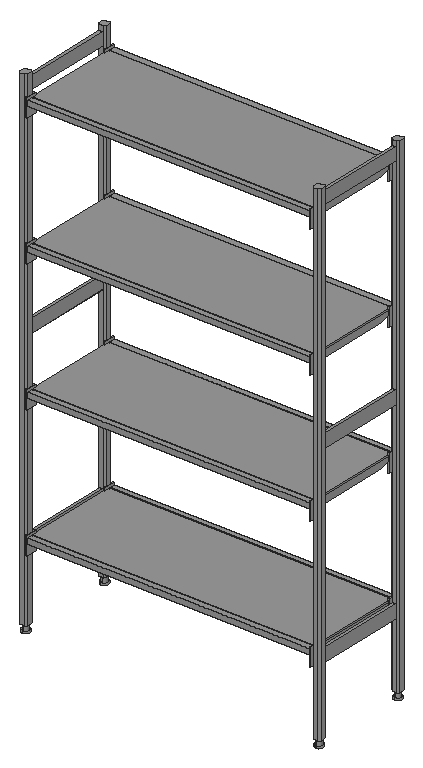
Revit family "QF_ELECTROLUXPROFESSIONAL_137013_ALS1038", category Attrezzature speciali, Revit 2020
Family settings
  Quota connettore circolare = Usa diametro
  Tipo di parte = Normale
  Basato su piano di lavoro = No
  Sempre verticale = Sì
  Taglio con vuoti quando caricato = No
  Condiviso = No
  Punto di calcolo locali = No
Parameters (values of type "Standard")
  Weight = 19.00 kg
  Watts = 0 W
  Volts = 0 V
  URL Manufacturer = "https://www.electroluxprofessional.com/"
  URL = "https://www.electroluxprofessional.com/"
  Steam Supply Size = 0 mm
  Steam Supply Minimum Pressure = 0.0 Pa
  Steam Supply Maximum Pressure = 0.0 Pa
  Steam Consumption per Hour = 0
  Refrigeration Suction Line Size = 0.0 mm
  Refrigeration Liquid Line Size = 0.0 mm
  Refrigerant Compressor Remote = yes
  Prospetto di default = 0.0 mm
  Phase = 0
  Modello = "ALS1038"
  Produttore = "Electrolux Professional"
  Length Actual = 1038.0 mm  # constant formula
  Item Number = "137013"
  Hot Water Size = 0 mm
  Height Actual = 1700.0 mm  # constant formula
  HP = "0 HP"
  Gas Size = 0 mm
  Gas KW = 0
  Gas Input Pressure = 0 W
  Direct Waste Size = 0 mm
  Descrizione = "ALUM.LINEAR SHELV.-POLY.TIERS-373X1038MM"
  Depth Actual = 373.0 mm  # constant formula
  Cycle = 0 Hz
  Condensate Return Size = 0 mm
  Compressed Air Volume = 0.0 L/s
  Compressed Air Size = 0 mm
  Compressed Air Pressure = 0.0 Pa
  Cold Water Size = 0 mm
  Accessory = yes
Reference planes
  plane 1: z = 0
  plane 2 "Center (Left/Right)": x = -31
  plane 3 "LEFT": x = -550
  plane 4 "RIGHT": x = 488
  plane 5 "BACK": y = 23
  plane 6 "FRONT": y = -350
  plane 7 "TOP": z = 1700
  plane 8: x = 483
  plane 9: x = -518
  plane 10: x = 456
  plane 11 "Center (Front/Back)": y = -163.5
  plane 12: x = 451
  plane 13: y = -8.5
  plane 14: y = -318.5
  plane 15 "FEET": z = 25
  plane 16: z = 275
  plane 17: z = 725
  plane 18: z = 1175
  plane 19: z = 1625
  plane 20 "CXLeft": x = -536
  plane 21 "CXRight": x = 474
  plane 22: y = 5.5
  plane 23 "CYBack": y = 5.5
  plane 24 "CYFront": y = -332.5
Forms (mm)
  Extrusion 1, solid, material "QF_Aluminum"
    sketch origin (-550, 0, 0) x (0, 1, 0) y (0, 0, 1)
      loop
        line (4, 1650.994) -> (4, 1632.998) -> (23, 1632.998) -> (23, 1650.994) -> (4, 1650.994)
      loop
        line (-331, 1650.994) -> (-350, 1650.994) -> (-350, 1632.998) -> (-331, 1632.998) -> (-331, 1650.994)
      loop
        line (4, 1200.994) -> (4, 1182.998) -> (23, 1182.998) -> (23, 1200.994) -> (4, 1200.994)
      loop
        line (-331, 1200.994) -> (-350, 1200.994) -> (-350, 1182.998) -> (-331, 1182.998) -> (-331, 1200.994)
      loop
        line (4, 750.994) -> (4, 732.998) -> (23, 732.998) -> (23, 750.994) -> (4, 750.994)
      loop
        line (-331, 750.994) -> (-350, 750.994) -> (-350, 732.998) -> (-331, 732.998) -> (-331, 750.994)
      loop
        line (4, 300.994) -> (4, 282.998) -> (23, 282.998) -> (23, 300.994) -> (4, 300.994)
      loop
        line (-331, 300.994) -> (-350, 300.994) -> (-350, 282.998) -> (-331, 282.998) -> (-331, 300.994)
    from 32 to 1006
  Extrusion 2, solid, material "QF_Polyethylene"
    sketch origin (-550, 0, 0) x (0, 1, 0) y (0, 0, 1)
      loop
        line (2.007, 1650.994) -> (-329, 1650.994) -> (-329, 1644.496) -> (2.007, 1644.496) -> (2.007, 1650.994)
      loop
        line (2.007, 1200.994) -> (-329, 1200.994) -> (-329, 1194.496) -> (2.007, 1194.496) -> (2.007, 1200.994)
      loop
        line (2.007, 750.994) -> (-329, 750.994) -> (-329, 744.496) -> (2.007, 744.496) -> (2.007, 750.994)
      loop
        line (2.007, 300.994) -> (-329, 300.994) -> (-329, 294.496) -> (2.007, 294.496) -> (2.007, 300.994)
    from 32 to 1006
  Extrusion 3, solid, material "QF_Aluminum"
    sketch origin (488, 0, 0) x (0, 1, 0) y (0, 0, 1)
      loop
        line (-12, 1632.998) -> (4, 1632.998) -> (4, 1650.994) -> (2.007, 1650.994) -> (2.007, 1644.496) -> (-329, 1644.496) -> (-329, 1650.994) -> (-331, 1650.994) -> (-331, 1632.998) -> (-315, 1632.998) -> (-281, 1620.994) -> (-46, 1620.994) -> (-12, 1632.998)
      loop
        line (-12, 1182.998) -> (4, 1182.998) -> (4, 1200.994) -> (2.007, 1200.994) -> (2.007, 1194.496) -> (-329, 1194.496) -> (-329, 1200.994) -> (-331, 1200.994) -> (-331, 1182.998) -> (-315, 1182.998) -> (-281, 1170.994) -> (-46, 1170.994) -> (-12, 1182.998)
      loop
        line (-12, 732.998) -> (4, 732.998) -> (4, 750.994) -> (2.007, 750.994) -> (2.007, 744.496) -> (-329, 744.496) -> (-329, 750.994) -> (-331, 750.994) -> (-331, 732.998) -> (-315, 732.998) -> (-281, 720.994) -> (-46, 720.994) -> (-12, 732.998)
      loop
        line (-12, 282.998) -> (4, 282.998) -> (4, 300.994) -> (2.007, 300.994) -> (2.007, 294.496) -> (-329, 294.496) -> (-329, 300.994) -> (-331, 300.994) -> (-331, 282.998) -> (-315, 282.998) -> (-281, 270.994) -> (-46, 270.994) -> (-12, 282.998)
    from -32 to -37
Lines and regions (mm)
  symbolic lines
    curve 1: line (456, 4, 1700) -> (-518, 4, 1700)
    curve 2: line (-522, 23, 1700) -> (460, 23, 1700)
    curve 3: line (460, 13.246, 1700) -> (466.254, 19.5, 1700)
    curve 4: line (466.254, -8.5, 1700) -> (460, -2.246, 1700)
    curve 5: line (466.254, -318.5, 1700) -> (460, -324.754, 1700)
    curve 6: line (-522, -350, 1700) -> (460, -350, 1700)
    curve 7: line (460, 23, 1700) -> (460, -12.993, 1700)
    curve 8: line (460, -12.993, 1700) -> (456, -12.993, 1700)
    curve 9: line (460, -350, 1700) -> (460, -314.007, 1700)
    curve 10: line (460, -314.007, 1700) -> (456, -314.007, 1700)
    curve 11: line (-518, -12.993, 1700) -> (-518, -314.007, 1700)
    curve 12: line (-518, -331, 1700) -> (456, -331, 1700)
    curve 13: line (456, -12.993, 1700) -> (456, -314.007, 1700)
Dimensions and locks
  locked: plane 3 "LEFT" to plane 4 "RIGHT" at 1038
  equal spacing: plane 3 "LEFT", plane 2 "Center (Left/Right)", plane 4 "RIGHT"
  locked: plane 7 "TOP" to level at 1700
  locked: plane 5 "BACK" to plane 6 "FRONT" at 373
  locked: plane 4 "RIGHT" to plane 8 at 5
  locked: plane 9 to plane 10 at 974
  locked: plane 3 "LEFT" to plane 9 at 32
  plane 12 to plane 10 = 5.0 mm
  locked: plane 13 to plane 14 at 310
  equal spacing: plane 13, plane 11 "Center (Front/Back)", plane 14
  equal spacing: plane 5 "BACK", plane 11 "Center (Front/Back)", plane 6 "FRONT"
  plane 15 "FEET" to level = 25.0 mm
  plane 7 "TOP" to plane 15 "FEET" = 1675.0 mm
  plane 16 to plane 15 "FEET" = 250.0 mm
  plane 17 to plane 16 = 450.0 mm
  plane 18 to plane 17 = 450.0 mm
  plane 19 to plane 18 = 450.0 mm
  locked: plane 3 "LEFT" to plane 20 "CXLeft" at 14
  locked: plane 21 "CXRight" to plane 4 "RIGHT" at 14
  locked: plane 5 "BACK" to plane 23 "CYBack" at 17.5
  locked: plane 24 "CYFront" to plane 6 "FRONT" at 17.5
  aligned and locked: level to plane 1
  aligned and locked: plane 9 to Extrusion 2
  aligned and locked: Extrusion 2 to plane 10
  aligned and locked: plane 9 to Extrusion 1
  aligned and locked: Extrusion 1 to plane 10
  aligned and locked: Extrusion 1 sketch curve to Extrusion 1 sketch curve  (x2)
  aligned and locked: Extrusion 3 sketch curve to Extrusion 3 sketch curve  (x3)
  aligned and locked: Extrusion 3 to plane 12
  aligned and locked: Extrusion 3 to plane 10
  aligned and locked: plane 20 "CXLeft" to nested 1
  aligned and locked: plane 21 "CXRight" to nested 2
Automatic sketch dimensions
  Extrusion 1 sketch curve to plane 6 "FRONT" = 0.0 mm  (x4)
  Extrusion 1 sketch curve to plane 5 "BACK" = 0.0 mm  (x4)
  plane 24 "CYFront" to Extrusion 1 sketch curve = 1.5 mm  (x2)
  plane 22 to Extrusion 1 sketch curve = 1.5 mm  (x4)
  plane 16 to Extrusion 1 sketch curve = 7.998 mm  (x2)
  Extrusion 1 sketch curve to Extrusion 1 sketch curve = 17.997 mm  (x8)
  plane 17 to Extrusion 1 sketch curve = 7.998 mm  (x2)
  plane 18 to Extrusion 1 sketch curve = 7.998 mm  (x2)
  plane 19 to Extrusion 1 sketch curve = 7.998 mm  (x2)
  plane 24 "CYFront" to Extrusion 2 sketch curve = 3.5 mm  (x4)
  plane 22 to Extrusion 2 sketch curve = 3.493 mm  (x4)
  plane 16 to Extrusion 2 sketch curve = 19.496 mm
  Extrusion 2 sketch curve to Extrusion 2 sketch curve = 6.499 mm  (x4)
  plane 17 to Extrusion 2 sketch curve = 19.496 mm
  plane 18 to Extrusion 2 sketch curve = 19.496 mm
  plane 19 to Extrusion 2 sketch curve = 19.496 mm
  plane 24 "CYFront" to Extrusion 3 sketch curve = 1.5 mm  (x4)
  Extrusion 3 sketch curve to Extrusion 3 sketch curve = 2.0 mm
  plane 14 to Extrusion 3 sketch curve = 3.5 mm  (x4)
  Extrusion 3 sketch curve to plane 16 = 4.006 mm
  Extrusion 3 sketch curve to Extrusion 3 sketch curve = 34.0 mm  (x4)
  Extrusion 3 sketch curve to plane 17 = 4.006 mm
  Extrusion 3 sketch curve to plane 18 = 4.006 mm
  Extrusion 3 sketch curve to plane 19 = 4.006 mm
  Extrusion 3 sketch curve to plane 13 = 37.5 mm  (x4)
  Extrusion 3 sketch curve to plane 13 = 3.5 mm  (x4)
  plane 22 to Extrusion 3 sketch curve = 3.493 mm  (x4)
  plane 22 to Extrusion 3 sketch curve = 1.5 mm  (x4)
  plane 16 to Extrusion 3 sketch curve = 7.998 mm  (x2)
  Extrusion 3 sketch curve to Extrusion 3 sketch curve = 11.498 mm  (x4)
  Extrusion 3 sketch curve to Extrusion 3 sketch curve = 6.499 mm  (x8)
  plane 17 to Extrusion 3 sketch curve = 7.998 mm  (x2)
  plane 18 to Extrusion 3 sketch curve = 7.998 mm  (x2)
  plane 19 to Extrusion 3 sketch curve = 7.998 mm  (x2)
  curve 6 to plane 6 "FRONT" = 0.0 mm
  curve 12 to plane 9 = 0.0 mm
  curve 12 to plane 10 = 0.0 mm
  curve 5 to plane 14 = 0.0 mm
  curve 11 to plane 9 = 0.0 mm
  curve 8 to plane 10 = 0.0 mm
  curve 4 to plane 13 = 0.0 mm
  curve 1 to plane 9 = 0.0 mm
  curve 1 to plane 10 = 0.0 mm
  curve 2 to plane 5 "BACK" = 0.0 mm
  plane 14 to curve 10 = 4.493 mm
  curve 7 to plane 13 = 4.493 mm
  curve 10 to plane 10 = 4.0 mm
  curve 7 to plane 10 = 4.0 mm
  plane 24 "CYFront" to curve 12 = 1.5 mm
  curve 5 to plane 14 = 6.254 mm
  plane 14 to curve 11 = 4.493 mm
  curve 11 to plane 13 = 4.493 mm
  plane 13 to curve 4 = 6.254 mm
  plane 22 to curve 1 = 1.5 mm
  curve 3 to plane 22 = 7.746 mm
  curve 3 to plane 5 "BACK" = 3.5 mm
  curve 5 to curve 9 = 6.254 mm
  curve 3 to curve 2 = 6.254 mm
  curve 4 to curve 7 = 6.254 mm
  plane 9 to curve 2 = 4.0 mm
  plane 9 to curve 6 = 4.0 mm
Nested families
  nested 1: "WT_Anta373" at (-133, 0, 0), type "WT_Anta373"
  nested 2: "WT_Anta373" at (71, 0, 0) x (-1, 0, 0) z (0, 0, 1), type "WT_Anta373"
Definition of nested family "WT_Anta373"
  Parameters
    WidthLeft = A + 64.0 mm  # 772.0 mm
    Width = 1606.0 mm
    Right = WidthLeft / 2  # 386.0 mm
    Default Elevation = 0.0 mm
    Left = -WidthLeft / 2  # -386.0 mm
    Height = 1725.0 mm
    FEET = 25.0 mm
    E = 0.0 mm
    Dint = Depth - 63.0 mm  # 310.0 mm
    Dext = Depth - 8.0 mm  # 365.0 mm
    Depth = 373.0 mm
    DX = (WidthLeft - A) / 2  # 32.0 mm
    B = 798.0 mm
    A = 708.0 mm
  Reference planes
    plane 1: z = 0
    plane 2 "LEFT": x = -417
    plane 3 "BACK": y = 23
    plane 4 "FRONT": y = -350
    plane 5 "TOP": z = 1725
    plane 6 "Center (Front/Back)": y = -163.5
    plane 7: y = -8.5
    plane 8: y = -318.5
    plane 9 "FEET": z = 25
    plane 10: z = 275
    plane 11: z = 725
    plane 12: z = 1175
    plane 13: z = 1625
    plane 14 "CXLeft": x = -403
    plane 15: y = 5.5
    plane 16 "CYBack": y = 5.5
    plane 17 "CYFront": y = -332.5
    plane 18: x = -385.031
    plane 19: x = -380.031
  Forms (mm)
    Extrusion 1, solid
      sketch origin (0, 0, 0) x (1, 0, 0) y (0, 1, 0)
        loop
          line (-417, 13.246) -> (-417, -2.246) -> (-410.746, -8.5) -> (-395.254, -8.5) -> (-389, -2.246) -> (-389, 13.246) -> (-395.254, 19.5) -> (-410.746, 19.5) -> (-417, 13.246)
      from 1725 to 25
    Extrusion 2, solid
      sketch origin (-417, 0, 0) x (0, 1, 0) y (0, 0, 1)
        loop
          line (23, 246.005) -> (23, 307.993) -> (-12.993, 307.993) -> (-12.993, 246.005) -> (23, 246.005)
        loop
          line (-350, 246.005) -> (-314.007, 246.005) -> (-314.007, 307.993) -> (-350, 307.993) -> (-350, 246.005)
        loop
          line (23, 696.005) -> (23, 757.993) -> (-12.993, 757.993) -> (-12.993, 696.005) -> (23, 696.005)
        loop
          line (-350, 696.005) -> (-314.007, 696.005) -> (-314.007, 757.993) -> (-350, 757.993) -> (-350, 696.005)
        loop
          line (23, 1146.005) -> (23, 1207.993) -> (-12.993, 1207.993) -> (-12.993, 1146.005) -> (23, 1146.005)
        loop
          line (-350, 1146.005) -> (-314.007, 1146.005) -> (-314.007, 1207.993) -> (-350, 1207.993) -> (-350, 1146.005)
        loop
          line (23, 1596.005) -> (23, 1657.993) -> (-12.993, 1657.993) -> (-12.993, 1596.005) -> (23, 1596.005)
        loop
          line (-350, 1596.005) -> (-314.007, 1596.005) -> (-314.007, 1657.993) -> (-350, 1657.993) -> (-350, 1596.005)
      from 28 to 32
    Revolve 3, solid
      sketch origin (-403, 0, 0) x (0, 1, 0) y (0, 0, 1)
        loop
          line (5.5, 25) -> (5.5, 0) -> (19, 0) -> (19, 5) -> (14, 5) -> (14, 25) -> (5.5, 25)
        axis (5.5, 25) -> (5.5, 0)
      angle from 0 to 360
    Extrusion 4, solid
      sketch origin (-403, 0, 0) x (0, 1, 0) y (0, 0, 1)
        loop
          line (-8.5, 912.382) -> (-8.5, 957.374) -> (-318.5, 957.374) -> (-318.5, 912.382) -> (-8.5, 912.382)
        loop
          line (-8.5, 1662.244) -> (-8.5, 1707.236) -> (-318.5, 1707.236) -> (-318.5, 1662.244) -> (-8.5, 1662.244)
      from -5 to 5
    Revolve 5, solid
      sketch origin (-403, -627, 0) x (0, -1, 0) y (0, 0, 1)
        loop
          line (-294.5, 25) -> (-294.5, 0) -> (-281, 0) -> (-281, 5) -> (-286, 5) -> (-286, 25) -> (-294.5, 25)
        axis (-294.5, 25) -> (-294.5, 0)
      angle from 0 to 360
    Extrusion 6, solid
      sketch origin (0, -627, 0) x (1, 0, 0) y (0, 1, 0)
        loop
          line (-417, 286.754) -> (-410.746, 280.5) -> (-395.254, 280.5) -> (-389, 286.754) -> (-389, 302.246) -> (-395.254, 308.5) -> (-410.746, 308.5) -> (-417, 302.246) -> (-417, 286.754)
      from 1725 to 25
    Extrusion 7, solid
      sketch origin (-417.031, -0.022, 0) x (0, 1, 0) y (0, 0, -1)
        loop
          line (-12, -1632.998) -> (-46, -1620.994) -> (-281, -1620.994) -> (-315, -1632.998) -> (-331, -1632.998) -> (-331, -1650.994) -> (-329, -1650.994) -> (-329, -1644.496) -> (2.007, -1644.496) -> (2.007, -1650.994) -> (4, -1650.994) -> (4, -1632.998) -> (-12, -1632.998)
        loop
          line (-12, -1182.998) -> (-46, -1170.994) -> (-281, -1170.994) -> (-315, -1182.998) -> (-331, -1182.998) -> (-331, -1200.994) -> (-329, -1200.994) -> (-329, -1194.496) -> (2.007, -1194.496) -> (2.007, -1200.994) -> (4, -1200.994) -> (4, -1182.998) -> (-12, -1182.998)
        loop
          line (-12, -732.998) -> (-46, -720.994) -> (-281, -720.994) -> (-315, -732.998) -> (-331, -732.998) -> (-331, -750.994) -> (-329, -750.994) -> (-329, -744.496) -> (2.007, -744.496) -> (2.007, -750.994) -> (4, -750.994) -> (4, -732.998) -> (-12, -732.998)
        loop
          line (-12, -282.998) -> (-46, -270.994) -> (-281, -270.994) -> (-315, -282.998) -> (-331, -282.998) -> (-331, -300.994) -> (-329, -300.994) -> (-329, -294.496) -> (2.007, -294.496) -> (2.007, -300.994) -> (4, -300.994) -> (4, -282.998) -> (-12, -282.998)
      from -32 to -37
    Extrusion 8, solid
      sketch origin (-403, 0, -659.878) x (0, 1, 0) y (0, 0, 1)
        loop
          line (-8.5, 912.382) -> (-8.5, 957.374) -> (-318.5, 957.374) -> (-318.5, 912.382) -> (-8.5, 912.382)
        loop
          line (-8.5, 1572.382) -> (-8.5, 1617.374) -> (-318.5, 1617.374) -> (-318.5, 1572.382) -> (-8.5, 1572.382)
        loop
          line (-8.5, 2322.382) -> (-8.5, 2367.374) -> (-318.5, 2367.374) -> (-318.5, 2322.382) -> (-8.5, 2322.382)
      from -5 to 5
  Lines and regions (mm)
    symbolic lines
      curve 1: line (-408, -8.5, 1725) -> (-408, -318.5, 1725)
      curve 2: line (-398, -318.5, 1725) -> (-398, -8.5, 1725)
      curve 3: line (-395.254, -8.5, 1725) -> (-410.746, -8.5, 1725)
      curve 4: line (-417, -2.246, 1725) -> (-410.746, -8.5, 1725)
      curve 5: line (-417, 13.246, 1725) -> (-417, -2.246, 1725)
      curve 6: line (-410.746, 19.5, 1725) -> (-417, 13.246, 1725)
      curve 7: line (-395.254, 19.5, 1725) -> (-410.746, 19.5, 1725)
      curve 8: line (-389, 13.246, 1725) -> (-395.254, 19.5, 1725)
      curve 9: line (-395.254, -8.5, 1725) -> (-389, -2.246, 1725)
      curve 10: line (-395.254, -318.5, 1725) -> (-410.746, -318.5, 1725)
      curve 11: line (-417, -324.754, 1725) -> (-410.746, -318.5, 1725)
      curve 12: line (-410.746, -346.5, 1725) -> (-417, -340.246, 1725)
      curve 13: line (-395.254, -346.5, 1725) -> (-410.746, -346.5, 1725)
      curve 14: line (-389, -340.246, 1725) -> (-395.254, -346.5, 1725)
      curve 15: line (-395.254, -318.5, 1725) -> (-389, -324.754, 1725)
      curve 16: line (-389, -350, 1725) -> (-389, -314.007, 1725)
      curve 17: line (-389, -314.007, 1725) -> (-385, -314.007, 1725)
      curve 18: line (-389, 23, 1725) -> (-389, -12.993, 1725)
      curve 19: line (-389, -12.993, 1725) -> (-385, -12.993, 1725)
      curve 20: line (-417, -324.754, 1725) -> (-417, -340.246, 1725)
      curve 21: line (-385, -350, 1725) -> (-385, -314.007, 1725)
      curve 22: line (-385, -350, 1725) -> (-389, -350, 1725)
      curve 23: line (-385, 23, 1725) -> (-389, 23, 1725)
      curve 24: line (-385, -12.993, 1725) -> (-385, 23, 1725)
      curve 25: line (-385.031, -13.016, 1725) -> (-385.031, -314.029, 1725)
  Dimensions and locks
    "Height": plane 5 "TOP" to level
    "Depth": plane 3 "BACK" to plane 4 "FRONT"
    "Dint": plane 7 to plane 8
    equal spacing: plane 7, plane 6 "Center (Front/Back)", plane 8
    equal spacing: plane 3 "BACK", plane 6 "Center (Front/Back)", plane 4 "FRONT"
    plane 9 "FEET" to level = 25.0 mm
    plane 5 "TOP" to plane 9 "FEET" = 1700.0 mm
    plane 10 to plane 9 "FEET" = 250.0 mm
    plane 11 to plane 10 = 450.0 mm
    plane 12 to plane 11 = 450.0 mm
    plane 13 to plane 12 = 450.0 mm
    locked: plane 2 "LEFT" to plane 14 "CXLeft" at 14
    locked: plane 3 "BACK" to plane 16 "CYBack" at 17.5
    locked: plane 17 "CYFront" to plane 4 "FRONT" at 17.5
    locked: Revolve 3 sketch curve to Revolve 3 sketch curve at 8.5
    locked: Revolve 3 sketch curve to plane 16 "CYBack" at 13.5
    locked: Revolve 5 sketch curve to Revolve 5 sketch curve at 8.5
    aligned and locked: level to plane 1
    aligned and locked: curve 20 to Extrusion 6
    aligned and locked: plane 5 "TOP" to Extrusion 1
    aligned and locked: plane 5 "TOP" to Extrusion 6
    aligned and locked: Extrusion 7 sketch curve to Extrusion 7 sketch curve  (x3)
  Automatic sketch dimensions
    curve 16 to plane 4 "FRONT" = 0.0 mm
    curve 11 to plane 8 = 0.0 mm
    curve 9 to plane 7 = 0.0 mm
    curve 5 to plane 2 "LEFT" = 0.0 mm
    curve 23 to plane 3 "BACK" = 0.0 mm
    plane 4 "FRONT" to curve 13 = 3.5 mm
    curve 20 to plane 17 "CYFront" = 7.746 mm
    curve 20 to plane 8 = 6.254 mm
    plane 8 to curve 16 = 4.493 mm
    curve 24 to plane 18 = 0.031 mm
    curve 24 to plane 7 = 4.493 mm
    plane 7 to curve 5 = 6.254 mm
    curve 5 to plane 15 = 7.746 mm
    curve 6 to plane 3 "BACK" = 3.5 mm
    curve 21 to plane 18 = 0.031 mm
    plane 18 to curve 23 = 3.969 mm
    plane 18 to curve 16 = 3.969 mm
    curve 18 to curve 8 = 6.254 mm
    curve 18 to curve 3 = 6.254 mm
    curve 16 to curve 13 = 6.254 mm
    curve 16 to curve 15 = 6.254 mm
    plane 2 "LEFT" to curve 10 = 6.254 mm
    plane 2 "LEFT" to curve 7 = 6.254 mm
    plane 2 "LEFT" to curve 12 = 6.254 mm
    plane 2 "LEFT" to curve 3 = 6.254 mm
    curve 14 to plane 17 "CYFront" = 7.746 mm
    curve 15 to plane 8 = 6.254 mm
    plane 7 to curve 9 = 6.254 mm
    curve 8 to plane 15 = 7.746 mm
    curve 3 to curve 2 = 2.746 mm
    curve 1 to curve 10 = 2.746 mm
    Extrusion 1 sketch curve to plane 2 "LEFT" = 0.0 mm
    Extrusion 1 sketch curve to plane 7 = 0.0 mm
    plane 2 "LEFT" to Extrusion 1 sketch curve = 6.254 mm  (x2)
    plane 14 "CXLeft" to Extrusion 1 sketch curve = 7.746 mm  (x2)
    Extrusion 1 sketch curve to plane 3 "BACK" = 3.5 mm
    plane 18 to Extrusion 1 sketch curve = 3.969 mm
    plane 7 to Extrusion 1 sketch curve = 6.254 mm  (x2)
    Extrusion 1 sketch curve to plane 15 = 7.746 mm  (x2)
    Extrusion 2 sketch curve to plane 4 "FRONT" = 0.0 mm  (x4)
    Extrusion 2 sketch curve to plane 3 "BACK" = 0.0 mm  (x4)
    plane 8 to Extrusion 2 sketch curve = 4.493 mm  (x4)
    Extrusion 2 sketch curve to plane 7 = 4.493 mm  (x4)
    Extrusion 2 sketch curve to plane 10 = 28.995 mm  (x2)
    plane 10 to Extrusion 2 sketch curve = 32.993 mm  (x2)
    Extrusion 2 sketch curve to plane 11 = 28.995 mm  (x2)
    plane 11 to Extrusion 2 sketch curve = 32.993 mm  (x2)
    Extrusion 2 sketch curve to plane 12 = 28.995 mm  (x2)
    plane 12 to Extrusion 2 sketch curve = 32.993 mm  (x2)
    Extrusion 2 sketch curve to plane 13 = 28.995 mm  (x2)
    plane 13 to Extrusion 2 sketch curve = 32.993 mm  (x2)
    Revolve 3 sketch curve to plane 9 "FEET" = 0.0 mm  (x2)
    Revolve 3 sketch curve to plane 15 = 0.0 mm  (x2)
    Revolve 3 sketch curve to level = 0.0 mm
    level to Revolve 3 sketch curve = 5.0 mm
    Revolve 3 sketch curve to Revolve 3 sketch curve = 11.655 mm
    Extrusion 4 sketch curve to plane 8 = 0.0 mm  (x2)
    Extrusion 4 sketch curve to plane 7 = 0.0 mm  (x2)
    plane 11 to Extrusion 4 sketch curve = 187.382 mm
    Extrusion 4 sketch curve to Extrusion 4 sketch curve = 44.992 mm
    plane 13 to Extrusion 4 sketch curve = 37.244 mm
    Extrusion 4 sketch curve to plane 5 "TOP" = 17.764 mm
    Revolve 5 sketch curve to plane 9 "FEET" = 0.0 mm  (x2)
    Revolve 5 sketch curve to plane 17 "CYFront" = 0.0 mm  (x2)
    Revolve 5 sketch curve to level = 0.0 mm
    Revolve 5 sketch curve to plane 4 "FRONT" = 4.0 mm
    Revolve 5 sketch curve to Revolve 5 sketch curve = 5.0 mm
    level to Revolve 5 sketch curve = 11.655 mm
    Extrusion 6 sketch curve to plane 2 "LEFT" = 0.0 mm
    Extrusion 6 sketch curve to plane 8 = 0.0 mm
    Extrusion 6 sketch curve to plane 2 "LEFT" = 6.254 mm  (x2)
    Extrusion 6 sketch curve to plane 14 "CXLeft" = 7.746 mm  (x2)
    Extrusion 6 sketch curve to plane 4 "FRONT" = 3.5 mm
    Extrusion 6 sketch curve to plane 18 = 3.969 mm
    plane 8 to Extrusion 6 sketch curve = 6.254 mm  (x2)
    plane 17 "CYFront" to Extrusion 6 sketch curve = 7.746 mm  (x2)
    plane 17 "CYFront" to Extrusion 7 sketch curve = 1.478 mm  (x4)
    Extrusion 7 sketch curve to Extrusion 7 sketch curve = 2.0 mm
    plane 8 to Extrusion 7 sketch curve = 3.478 mm  (x4)
    Extrusion 7 sketch curve to plane 10 = 4.006 mm
    Extrusion 7 sketch curve to Extrusion 7 sketch curve = 34.0 mm  (x4)
    Extrusion 7 sketch curve to plane 11 = 4.006 mm
    Extrusion 7 sketch curve to plane 12 = 4.006 mm
    Extrusion 7 sketch curve to plane 13 = 4.006 mm
    Extrusion 7 sketch curve to plane 7 = 37.522 mm  (x4)
    Extrusion 7 sketch curve to plane 7 = 3.522 mm  (x4)
    plane 15 to Extrusion 7 sketch curve = 3.516 mm  (x4)
    plane 15 to Extrusion 7 sketch curve = 1.522 mm  (x4)
    plane 13 to Extrusion 7 sketch curve = 7.998 mm  (x2)
    Extrusion 7 sketch curve to Extrusion 7 sketch curve = 11.498 mm
    Extrusion 7 sketch curve to Extrusion 7 sketch curve = 6.499 mm  (x5)
    plane 12 to Extrusion 7 sketch curve = 25.994 mm  (x2)
    plane 12 to Extrusion 7 sketch curve = 7.998 mm  (x2)
    plane 11 to Extrusion 7 sketch curve = 25.994 mm  (x2)
    plane 11 to Extrusion 7 sketch curve = 7.998 mm  (x2)
    plane 10 to Extrusion 7 sketch curve = 25.994 mm  (x2)
    plane 10 to Extrusion 7 sketch curve = 7.998 mm  (x2)
    curve 25 to plane 18 = 0.0 mm
    plane 8 to curve 25 = 4.471 mm
    curve 25 to plane 7 = 4.516 mm
    Extrusion 8 sketch curve to plane 8 = 0.0 mm  (x3)
    Extrusion 8 sketch curve to plane 7 = 0.0 mm  (x3)
    Extrusion 8 sketch curve to plane 10 = 22.496 mm
    plane 10 to Extrusion 8 sketch curve = 22.496 mm
    plane 11 to Extrusion 8 sketch curve = 187.504 mm
    Extrusion 8 sketch curve to Extrusion 8 sketch curve = 44.992 mm
    plane 13 to Extrusion 8 sketch curve = 37.504 mm
    Extrusion 8 sketch curve to plane 5 "TOP" = 17.504 mm
